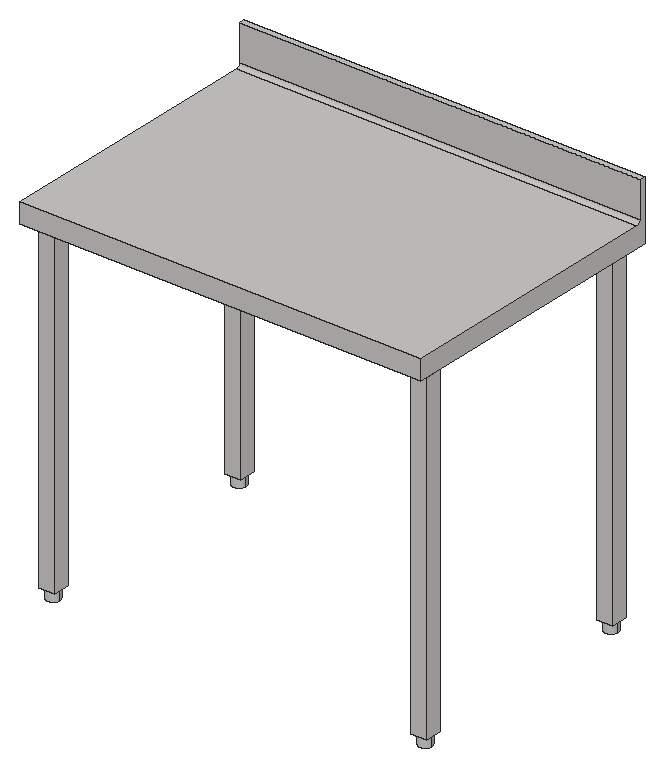
Revit family "QF_ELECTROLUXPROFESSIONAL_132845_WTD1017N", category Attrezzature speciali, Revit 2020
Family settings
  Quota connettore circolare = Usa diametro
  Tipo di parte = Normale
  Basato su piano di lavoro = No
  Sempre verticale = Sì
  Taglio con vuoti quando caricato = No
  Condiviso = No
  Punto di calcolo locali = No
Parameters (values of type "Standard")
  Weight = 37.00 kg
  Watts = 0 W
  Volts = 0 V
  URL Manufacturer = "https://www.electroluxprofessional.com/"
  URL = "https://www.electroluxprofessional.com/"
  Steam Supply Size = 0 mm
  Steam Supply Minimum Pressure = 0.0 Pa
  Steam Supply Maximum Pressure = 0.0 Pa
  Steam Consumption per Hour = 0
  Refrigeration Suction Line Size = 0.0 mm
  Refrigeration Liquid Line Size = 0.0 mm
  Refrigerant Compressor Remote = yes
  Prospetto di default = 0.0 mm
  Produttore = "Electrolux Professional"
  Phase = 0
  Modello = "WTD1017N"
  Length Actual = 1000.0 mm  # constant formula
  Item Number = "132845"
  Hot Water Size = 0 mm
  Height Actual = 900.0 mm  # constant formula
  HP = "0 HP"
  Gas Size = 0 mm
  Gas KW = 0
  Gas Input Pressure = 0 W
  Direct Waste Size = 0 mm
  Descrizione = "WORK TABLE+UPSTAND-DISASSEMBLED 1000MM"
  Depth Actual = 700.0 mm  # constant formula
  Cycle = 0 Hz
  Condensate Return Size = 0 mm
  Compressed Air Volume = 0.0 L/s
  Compressed Air Size = 0 mm
  Compressed Air Pressure = 0.0 Pa
  Cold Water Size = 0 mm
  Accessory = yes
Reference planes
  plane 1 "Center (Front/Back)": y = 0
  plane 2: z = 0
  plane 3 "Center (Left/Right)": x = 0
  plane 4 "LEFT": x = -500
  plane 5 "RIGHT": x = 500
  plane 6 "BACK": y = 350
  plane 7 "FRONT": y = -350
  plane 8 "Base": z = 850
  plane 9 "TOP": z = 900
  plane 10: x = -464.5
  plane 11: x = 464.5
  plane 12: y = 290
  plane 13: y = -290
Forms (mm)
  Extrusion 1, solid, material "QF_Finishes_Stainless Steel"
    sketch origin (0, 0, 0) x (0, 1, 0) y (0, 0, 1)
      loop
        line (-350, 850) -> (350, 850) -> (350, 1000) -> (337, 1000) -> (337, 910)
        arc (337, 910) -> (334.071, 902.929) -> (327, 900) r 10
        line (327, 900) -> (-350, 900) -> (-350, 850)
    from 500 to -500
Lines and regions (mm)
  symbolic lines
    curve 1: line (500, 350, 900) -> (-500, 350, 900)
    curve 2: line (-500, 350, 900) -> (-500, -350, 900)
    curve 3: line (-500, -350, 900) -> (500, -350, 900)
    curve 4: line (500, -350, 900) -> (500, 350, 900)
    curve 5: line (500, 337, 900) -> (-500, 337, 900)
Dimensions and locks
  plane 4 "LEFT" to plane 5 "RIGHT" = 1000.0 mm
  equal spacing: plane 4 "LEFT", plane 3 "Center (Left/Right)", plane 5 "RIGHT"
  locked: plane 8 "Base" to level at 850
  plane 4 "LEFT" to plane 10 = 35.5 mm
  plane 11 to plane 5 "RIGHT" = 35.5 mm
  plane 10 to plane 11 = 929.0 mm
  locked: Extrusion 1 to level at 1000
  plane 9 "TOP" to level = 900.0 mm
  plane 6 "BACK" to plane 12 = 60.0 mm
  plane 13 to plane 7 "FRONT" = 60.0 mm
  plane 6 "BACK" to plane 7 "FRONT" = 700.0 mm
  plane 12 to plane 13 = 580.0 mm
  equal spacing: plane 6 "BACK", plane 1 "Center (Front/Back)", plane 7 "FRONT"
  aligned and locked: level to plane 2
  aligned and locked: plane 10 to nested 1
  aligned and locked: nested 1 to plane 13
  aligned and locked: plane 11 to nested 2
  aligned and locked: nested 2 to plane 13
  aligned and locked: plane 11 to nested 4
  aligned and locked: nested 4 to plane 12
  aligned and locked: plane 10 to nested 3
  aligned and locked: nested 3 to plane 12
  aligned and locked: Extrusion 1 to plane 4 "LEFT"
  aligned and locked: plane 5 "RIGHT" to Extrusion 1
  aligned and locked: curve 2 to plane 4 "LEFT"
Automatic sketch dimensions
  Extrusion 1 sketch curve to plane 7 "FRONT" = 0.0 mm
  Extrusion 1 sketch curve to plane 9 "TOP" = 0.0 mm
  Extrusion 1 sketch curve to plane 6 "BACK" = 0.0 mm
  Extrusion 1 sketch curve to plane 8 "Base" = 0.0 mm
  plane 9 "TOP" to Extrusion 1 sketch curve = 10.0 mm
  Extrusion 1 sketch curve to plane 6 "BACK" = 13.0 mm
  Extrusion 1 sketch curve to Extrusion 1 sketch curve = 90.0 mm
  curve 3 to plane 7 "FRONT" = 0.0 mm
  curve 5 to plane 5 "RIGHT" = 0.0 mm
  curve 4 to plane 6 "BACK" = 0.0 mm
  curve 5 to plane 6 "BACK" = 13.0 mm
Nested families
  nested 1: "FEET_40x40" at (-464.5, -290, 0), type "FEET_40x40"
  nested 2: "FEET_40x40" at (464.5, -290, 0), type "FEET_40x40"
  nested 3: "FEET_40x40" at (-464.5, 290, 0), type "FEET_40x40"
  nested 4: "FEET_40x40" at (464.5, 290, 0), type "FEET_40x40"
Definition of nested family "FEET_40x40"
  Parameters
    Default Elevation = 0.0 mm
    FEET = 850.0 mm
  Reference planes
    plane 1 "Center (Front/Back)": y = 0
    plane 2: z = 0
    plane 3 "Center (Left/Right)": x = 0
    plane 4: z = 850
  Forms (mm)
    Extrusion 1, solid
      sketch origin (0, 0, 0) x (1, 0, 0) y (0, 1, 0)
        loop
          line (-20, -20) -> (20, -20) -> (20, 20) -> (-20, 20) -> (-20, -20)
      from 25 to 845
    Extrusion 2, solid
      sketch origin (0, 0, 0) x (1, 0, 0) y (0, 1, 0)
        loop
          circle (0, 0) r 16
      from 0 to 25
    Extrusion 3, solid
      sketch origin (0, 0, 0) x (1, 0, 0) y (0, 1, 0)
        loop
          line (30, 30) -> (-30, 30) -> (-30, -30) -> (30, -30) -> (30, 30)
      from 845 to 850
  Lines and regions (mm)
    symbolic lines
      curve 1: line (0, -1.503, 0) -> (0, 1.508, 0)
      curve 2: line (1.561, 0, 0) -> (-1.439, 0, 0)
  Dimensions and locks
    "FEET": plane 4 to plane 2
    aligned and locked: level to plane 2
  Automatic sketch dimensions
    Extrusion 1 sketch curve to plane 3 "Center (Left/Right)" = 20.0 mm
    plane 3 "Center (Left/Right)" to Extrusion 1 sketch curve = 20.0 mm
    plane 1 "Center (Front/Back)" to Extrusion 1 sketch curve = 20.0 mm
    Extrusion 1 sketch curve to plane 1 "Center (Front/Back)" = 20.0 mm
    plane 1 "Center (Front/Back)" to Extrusion 2 sketch curve = 0.0 mm
    Extrusion 2 sketch curve to plane 3 "Center (Left/Right)" = 0.0 mm
    plane 3 "Center (Left/Right)" to Extrusion 3 sketch curve = 30.0 mm
    Extrusion 3 sketch curve to plane 1 "Center (Front/Back)" = 30.0 mm
    Extrusion 3 sketch curve to plane 3 "Center (Left/Right)" = 30.0 mm
    plane 1 "Center (Front/Back)" to Extrusion 3 sketch curve = 30.0 mm
    plane 1 "Center (Front/Back)" to curve 2 = 0.0 mm
    curve 1 to plane 3 "Center (Left/Right)" = 0.0 mm
    curve 2 to plane 3 "Center (Left/Right)" = 1.439 mm
    plane 3 "Center (Left/Right)" to curve 2 = 1.561 mm
    plane 1 "Center (Front/Back)" to curve 1 = 1.503 mm
    curve 1 to plane 1 "Center (Front/Back)" = 1.508 mm
    radius of Extrusion 2 sketch curve = 16.0 mm
